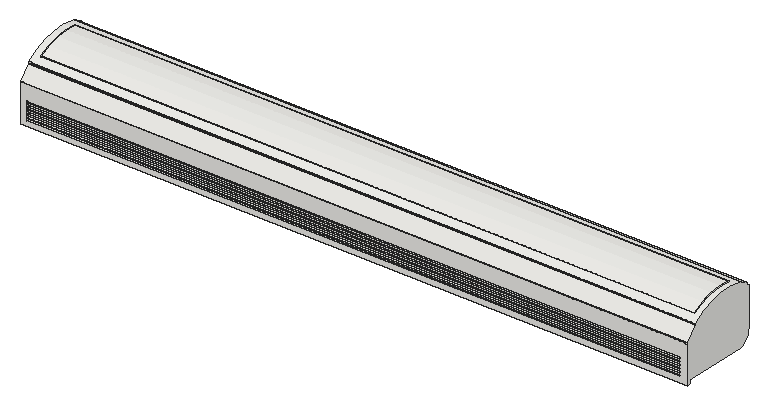
Revit family "ELiS C-E-200-bílá_RFA_2019", category Electrical Fixtures, host Face, Revit 2019
Family settings
  Host = Face
  Maintain Annotation Orientation = No
  Round Connector Dimension = Use Diameter
  Part Type = Normal
  Cut with Voids When Loaded = No
  Shared = No
  Room Calculation Point = No
Parameters (values of type "ELiS C-E-200, 3x400V, 3 rychlost")
  Weight of unit = 25.10 kg
  URL = "www.hydronic.cz"
  Type Comments = "vnitřní instalace, neprašné prostředí; IP21; max dosah 3m na 3 rychlost"
  Second Material = FLOWAIR-PerforatedSteel-White
  Rated current = 18.7 A
  Product code = "14292; bílá, délka 200cm, elektrická"
  Power supply = 400 V
  Power ratio = 1
  Number of phases = 3
  Manufacturer = "Hydronic Systems Prague s.r.o."
  Main Material = FLOWAIR-Steel-White
  Load classification = Other
  Length = 2000.00 mm  # constant formula
  Heating capacity = 13 kW
  Fan = "Single phase motor with diagonal rotor"
  Description = "Dveřní clona"
  Model = "ELiS C-E-200"
  IP = "21"
  Default Elevation = 2200.00 mm
  Author = ""
  Apparent power = if(Power supply = 400 V, 230 V * 3 * Rated current, 230 V * Rated current)  # 12903 VA
Types (6, lengths in mm): name | Rated current | Power supply | Number of phases | Heating capacity | Apparent power
  ELiS C-E-200, 3x400V, 1 rychlost | 18.1 A | 400 V | 3 | 12.5 kW | 12489 VA
  ELiS C-E-200, 3x400V, 2 rychlost | 18.5 A | 400 V | 3 | 12.8 kW | 12765 VA
  ELiS C-E-200, 3x400V, 3 rychlost | 18.7 A | 400 V | 3 | 13 kW | 12903 VA
  ELiS C-E-200, 1x230V, 1 rychlost | 54.3 A | 230 V | 1 | 12.5 kW | 12489 VA
  ELiS C-E-200, 1x230V, 2 rychlost | 55.5 A | 230 V | 1 | 12.8 kW | 12765 VA
  ELiS C-E-200, 1x230V, 3 rychlost | 56.1 A | 230 V | 1 | 13 kW | 12903 VA
Reference planes
  plane 1 "Środek (Przód/Tył)": y = 0
  plane 2: z = 0
  plane 3 "Środek (Lewa/Prawa)": x = 0
Dimensions and locks
  aligned and locked: plane 2 to host face
  aligned and locked: level to host face
  aligned and locked: plane 3 "Środek (Lewa/Prawa)" to nested 1
  aligned and locked: plane 1 "Środek (Przód/Tył)" to nested 1
Nested families
  nested 1: "ELiS C-E" at (0, 0, 0), type "ELiS C-E"
    with długość 2000.00 mm
Connectors
  electrical at (0, 235.182, 54.049), driven by "Power supply", driven by "Apparent power", driven by "Power ratio", driven by "Load classification", driven by "Number of phases"
    settings: on nested 1, index 9, voltage 400 V, apparent load 12903 VA, apparent load phase1 0 VA, apparent load phase2 0 VA, apparent load phase3 0 VA, power factor 1, load classification "Other", number of poles 3, system type 30, power factor state 1, is connector primary yes, connector utility no, sub classification motor no, connector description ""
  electrical at (-59, 235.182, 85.024)
    settings: on nested 1, index 10, voltage 0 V, apparent load 0 VA, apparent load phase1 0 VA, apparent load phase2 0 VA, apparent load phase3 0 VA, power factor 1, load classification "Other", number of poles 1, system type 13, power factor state 1, is connector primary no, connector utility no, sub classification motor no, connector description "TS regulator"
  electrical at (59, 235.182, 85.024)
    settings: on nested 1, index 11, voltage 0 V, apparent load 0 VA, apparent load phase1 0 VA, apparent load phase2 0 VA, apparent load phase3 0 VA, power factor 1, load classification "Other", number of poles 1, system type 13, power factor state 1, is connector primary no, connector utility no, sub classification motor no, connector description "Limit switches"
Definition of nested family "ELiS C-E"
  Parameters
    materiał perforacja = none
    materiał = none
    długość = 1000.00 mm
  Reference planes
    plane 1 "Środek (Przód/Tył)": y = 0
    plane 2: z = 0
    plane 3 "Środek (Lewa/Prawa)": x = 0
    plane 4: x = -500
    plane 5: x = 500
    plane 6: x = -480
    plane 7: x = 480
    plane 8: x = 250
    plane 9: x = -250
  Forms (mm)
    Extrusion 1, solid, material <- "materiał", detail levels medium
      sketch origin (0, 300, 0) x (0, 1, 0) y (0, 0, 1)
        loop
          line (-72.756, 170.564) -> (-81.693, 181.358)
          arc (-81.693, 181.358) -> (-82.051, 181.684) -> (-82.482, 181.903) r 1.8
          line (-82.482, 181.903) -> (-98.157, 187.357)
          arc (-98.157, 187.357) -> (-98.505, 187.566) -> (-98.742, 187.895) r 1
          line (-98.742, 187.895) -> (-99.846, 190.375)
          arc (-99.846, 190.375) -> (-100.355, 191.039) -> (-101.109, 191.402) r 1.8
          arc (-101.109, 191.402) -> (-188.803, 190.806) -> (-267.88, 152.892) r 200.8
          arc (-267.88, 152.892) -> (-268.406, 152.22) -> (-268.563, 151.381) r 1.8
          line (-268.563, 151.381) -> (-268.42, 148.651)
          arc (-268.42, 148.651) -> (-268.477, 148.263) -> (-268.678, 147.927) r 1
          line (-268.678, 147.927) -> (-299.538, 113.654)
          arc (-299.538, 113.654) -> (-299.88, 113.094) -> (-300, 112.449) r 1.8
          line (-300, 112.449) -> (-300, 0) -> (-292.2, 0) -> (-292.2, 13.085) -> (-113.282, 13.085)
          arc (-113.282, 13.085) -> (-84.316, 25.083) -> (-72.318, 54.049) r 40.964
          line (-72.318, 54.049) -> (-72.318, 169.336)
          arc (-72.318, 169.336) -> (-72.431, 169.988) -> (-72.756, 170.564) r 1.943
      from -500 to 500
    Extrusion 2, solid, material <- "materiał", detail levels coarse
      sketch origin (0, 0, 0) x (0, 1, 0) y (0, 0, 1)
        loop
          arc (227.682, 182.867) -> (103.817, 188.954) -> (0, 121.12) r 200.8
          line (0, 121.12) -> (0, 0) -> (227.682, 0) -> (227.682, 182.867)
      from -500 to 500
    Extrusion 3, solid, material <- "materiał", detail levels fine
      sketch origin (0, 0, 0) x (0, 1, 0) y (0, 0, 1)
        loop
          line (227.244, 170.564) -> (218.307, 181.358)
          arc (218.307, 181.358) -> (217.949, 181.684) -> (217.518, 181.903) r 1.8
          line (217.518, 181.903) -> (201.843, 187.357)
          arc (201.843, 187.357) -> (201.495, 187.566) -> (201.258, 187.895) r 1
          line (201.258, 187.895) -> (200.154, 190.375)
          arc (200.154, 190.375) -> (199.645, 191.039) -> (198.891, 191.402) r 1.8
          arc (198.891, 191.402) -> (111.197, 190.806) -> (32.12, 152.892) r 200.8
          arc (32.12, 152.892) -> (31.594, 152.22) -> (31.437, 151.381) r 1.8
          line (31.437, 151.381) -> (31.58, 148.651)
          arc (31.58, 148.651) -> (31.523, 148.263) -> (31.322, 147.927) r 1
          line (31.322, 147.927) -> (0.462, 113.654)
          arc (0.462, 113.654) -> (0.12, 113.094) -> (0, 112.449) r 1.8
          line (0, 112.449) -> (0, 0) -> (7.8, 0) -> (7.8, 13.085) -> (186.718, 13.085)
          arc (186.718, 13.085) -> (215.684, 25.083) -> (227.682, 54.049) r 40.964
          line (227.682, 54.049) -> (227.682, 169.336)
          arc (227.682, 169.336) -> (227.569, 169.988) -> (227.244, 170.564) r 1.943
      from -500 to 500
    Extrusion 4, void
      sketch origin (0, 0, 0) x (0, 1, 0) y (0, 0, 1)
        loop
          line (52, 224.939) -> (52, 114.939) -> (180, 114.939) -> (180, 224.939) -> (52, 224.939)
      from -480 to 480
    Extrusion 5, solid, material <- "materiał perforacja", detail levels fine
      sketch origin (0, 0, 0) x (0, 1, 0) y (0, 0, 1)
        loop
          arc (180, 194.56) -> (113.664, 191.359) -> (52, 166.696) r 200.8
          line (52, 166.696) -> (52, 164.35)
          arc (52, 164.35) -> (113.61, 189.3) -> (180, 192.546) r 198.8
          line (180, 192.546) -> (180, 194.56)
      from -480 to 480
    Extrusion 6, void
      sketch origin (0, 0, 0) x (0, 1, 0) y (0, 0, 1)
        loop
          line (0, 15.085) -> (25, 15.085) -> (25, 70.085) -> (0, 70.085) -> (0, 62.585) -> (15, 62.585) -> (15, 60.585) -> (0, 60.585) -> (0, 53.085) -> (15, 53.085) -> (15, 51.085) -> (0, 51.085) -> (0, 43.585) -> (15, 43.585) -> (15, 41.585) -> (0, 41.585) -> (0, 34.085) -> (15, 34.085) -> (15, 32.085) -> (0, 32.085) -> (0, 24.585) -> (15, 24.585) -> (15, 22.585) -> (0, 22.585) -> (0, 15.085)
      from -480 to 480
    Extrusion 7, solid, material <- "materiał"
      sketch origin (0, 0, 0) x (0, 1, 0) y (0, 0, 1)
        loop
          line (10, 0) -> (172, 0) -> (172, 13.085) -> (10, 13.085) -> (10, 0)
      from -250 to 250
    Extrusion 8, solid, material <- "materiał"
      sketch origin (0, 0, 0) x (0, 1, 0) y (0, 0, 1)
        loop
          line (227.682, 54.049) -> (242.682, 54.049) -> (242.682, 116) -> (227.682, 116) -> (227.682, 54.049)
      from -59 to 59
  Cuts and joins
    Extrusion 4, Extrusion 6 cuts Extrusion 3
  Dimensions and locks
    equal spacing: plane 4, plane 3 "Środek (Lewa/Prawa)", plane 5
    "długość": plane 4 to plane 5
    locked: plane 4 to plane 6 at 20
    locked: plane 7 to plane 5 at 20
    equal spacing: plane 4, plane 9, plane 3 "Środek (Lewa/Prawa)"
    equal spacing: plane 3 "Środek (Lewa/Prawa)", plane 8, plane 5
    aligned and locked: level to plane 2
    aligned and locked: Extrusion 2 to plane 4
    aligned and locked: Extrusion 1 to plane 4
    aligned and locked: Extrusion 2 to plane 5
    aligned and locked: Extrusion 1 to plane 5
    aligned and locked: Extrusion 3 to plane 4
    aligned and locked: Extrusion 3 to plane 5
    aligned and locked: Extrusion 4 to plane 6
    aligned and locked: Extrusion 4 to plane 7
    aligned and locked: Extrusion 5 to plane 6
    aligned and locked: Extrusion 5 to plane 7
    aligned and locked: Extrusion 6 to plane 7
    aligned and locked: Extrusion 6 to plane 6
    aligned and locked: plane 8 to Extrusion 7
    aligned and locked: plane 9 to Extrusion 7
  Automatic sketch dimensions
    Extrusion 1 sketch curve to level = 0.00 mm
    Extrusion 1 sketch curve to plane 1 "Środek (Przód/Tył)" = 0.00 mm
    Extrusion 1 sketch curve to Extrusion 1 sketch curve = 1.80 mm
    Extrusion 1 sketch curve to plane 1 "Środek (Przód/Tył)" = 7.80 mm
    Extrusion 1 sketch curve to plane 1 "Środek (Przód/Tył)" = 30.581 mm
    Extrusion 1 sketch curve to Extrusion 1 sketch curve = 0.742 mm
    Extrusion 1 sketch curve to Extrusion 1 sketch curve = 0.856 mm
    Extrusion 1 sketch curve to Extrusion 1 sketch curve = 1.797 mm
    Extrusion 1 sketch curve to plane 1 "Środek (Przód/Tył)" = 156.375 mm
    Extrusion 1 sketch curve to Extrusion 1 sketch curve = 30.343 mm
    Extrusion 1 sketch curve to Extrusion 1 sketch curve = 165.276 mm
    Extrusion 1 sketch curve to Extrusion 1 sketch curve = 3.662 mm
    Extrusion 1 sketch curve to Extrusion 1 sketch curve = 14.754 mm
    Extrusion 1 sketch curve to Extrusion 1 sketch curve = 1.38 mm
    Extrusion 1 sketch curve to Extrusion 1 sketch curve = 8.812 mm
    Extrusion 1 sketch curve to Extrusion 1 sketch curve = 1.505 mm
    Extrusion 1 sketch curve to Extrusion 1 sketch curve = 40.964 mm
    Extrusion 1 sketch curve to Extrusion 1 sketch curve = 13.085 mm
    Extrusion 1 sketch curve to Extrusion 1 sketch curve = 58.894 mm
    Extrusion 1 sketch curve to Extrusion 1 sketch curve = 117.295 mm
    Extrusion 1 sketch curve to Extrusion 1 sketch curve = 35.478 mm
    Extrusion 1 sketch curve to Extrusion 1 sketch curve = 0.671 mm
    Extrusion 1 sketch curve to Extrusion 1 sketch curve = 2.783 mm
    Extrusion 1 sketch curve to Extrusion 1 sketch curve = 0.097 mm
    Extrusion 1 sketch curve to Extrusion 1 sketch curve = 174.181 mm
    Extrusion 1 sketch curve to Extrusion 1 sketch curve = 10.867 mm
    Extrusion 1 sketch curve to Extrusion 1 sketch curve = 1.155 mm
    Extrusion 1 sketch curve to Extrusion 1 sketch curve = 8.099 mm
    Extrusion 1 sketch curve to Extrusion 1 sketch curve = 1.341 mm
    Extrusion 1 sketch curve to plane 1 "Środek (Przód/Tył)" = 0.462 mm
    Extrusion 1 sketch curve to Extrusion 1 sketch curve = 0.00 mm  (x14)
    Extrusion 1 sketch curve to Extrusion 1 sketch curve = 0.257 mm
    Extrusion 1 sketch curve to Extrusion 1 sketch curve = 1.263 mm
    Extrusion 1 sketch curve to Extrusion 1 sketch curve = 0.914 mm
    Extrusion 1 sketch curve to Extrusion 1 sketch curve = 0.585 mm
    Extrusion 1 sketch curve to Extrusion 1 sketch curve = 0.789 mm
    Extrusion 1 sketch curve to Extrusion 1 sketch curve = 0.944 mm
    Extrusion 2 sketch curve to level = 0.00 mm
    Extrusion 2 sketch curve to Extrusion 2 sketch curve = 71.306 mm
    Extrusion 2 sketch curve to Extrusion 2 sketch curve = 4.846 mm
    Extrusion 2 sketch curve to plane 1 "Środek (Przód/Tył)" = 0.00 mm
    Extrusion 2 sketch curve to Extrusion 2 sketch curve = 125.966 mm
    Extrusion 2 sketch curve to plane 1 "Środek (Przód/Tył)" = 156.375 mm
    plane 1 "Środek (Przód/Tył)" to Extrusion 3 sketch curve = 0.00 mm
    Extrusion 3 sketch curve to Extrusion 3 sketch curve = 1.80 mm
    Extrusion 3 sketch curve to Extrusion 3 sketch curve = 7.80 mm
    Extrusion 3 sketch curve to Extrusion 3 sketch curve = 28.781 mm
    Extrusion 3 sketch curve to Extrusion 3 sketch curve = 0.742 mm
    Extrusion 3 sketch curve to Extrusion 3 sketch curve = 0.856 mm
    Extrusion 3 sketch curve to Extrusion 3 sketch curve = 1.797 mm
    Extrusion 3 sketch curve to Extrusion 3 sketch curve = 148.575 mm
    Extrusion 3 sketch curve to Extrusion 3 sketch curve = 30.343 mm
    Extrusion 3 sketch curve to Extrusion 3 sketch curve = 165.276 mm
    Extrusion 3 sketch curve to Extrusion 3 sketch curve = 3.662 mm
    Extrusion 3 sketch curve to Extrusion 3 sketch curve = 14.754 mm
    Extrusion 3 sketch curve to Extrusion 3 sketch curve = 1.38 mm
    Extrusion 3 sketch curve to Extrusion 3 sketch curve = 8.812 mm
    Extrusion 3 sketch curve to Extrusion 3 sketch curve = 1.505 mm
    Extrusion 3 sketch curve to Extrusion 3 sketch curve = 40.964 mm
    level to Extrusion 3 sketch curve = 0.00 mm
    Extrusion 3 sketch curve to Extrusion 3 sketch curve = 13.085 mm
    Extrusion 3 sketch curve to Extrusion 3 sketch curve = 58.894 mm
    Extrusion 3 sketch curve to Extrusion 3 sketch curve = 117.295 mm
    Extrusion 3 sketch curve to Extrusion 3 sketch curve = 35.478 mm
    Extrusion 3 sketch curve to Extrusion 3 sketch curve = 0.671 mm
    Extrusion 3 sketch curve to Extrusion 3 sketch curve = 2.783 mm
    Extrusion 3 sketch curve to Extrusion 3 sketch curve = 0.097 mm
    Extrusion 3 sketch curve to Extrusion 3 sketch curve = 174.181 mm
    Extrusion 3 sketch curve to Extrusion 3 sketch curve = 10.867 mm
    Extrusion 3 sketch curve to Extrusion 3 sketch curve = 1.155 mm
    Extrusion 3 sketch curve to Extrusion 3 sketch curve = 8.099 mm
    Extrusion 3 sketch curve to Extrusion 3 sketch curve = 1.341 mm
    Extrusion 3 sketch curve to Extrusion 3 sketch curve = 0.462 mm
    Extrusion 3 sketch curve to Extrusion 3 sketch curve = 0.00 mm  (x14)
    Extrusion 3 sketch curve to Extrusion 3 sketch curve = 0.257 mm
    Extrusion 3 sketch curve to Extrusion 3 sketch curve = 1.263 mm
    Extrusion 3 sketch curve to Extrusion 3 sketch curve = 0.914 mm
    Extrusion 3 sketch curve to Extrusion 3 sketch curve = 0.585 mm
    Extrusion 3 sketch curve to Extrusion 3 sketch curve = 0.789 mm
    Extrusion 3 sketch curve to Extrusion 3 sketch curve = 0.944 mm
    Extrusion 4 sketch curve to Extrusion 4 sketch curve = 128.00 mm
    level to Extrusion 4 sketch curve = 114.939 mm
    Extrusion 4 sketch curve to Extrusion 4 sketch curve = 110.00 mm
    Extrusion 4 sketch curve to plane 1 "Środek (Przód/Tył)" = 52.00 mm
    Extrusion 5 sketch curve to plane 1 "Środek (Przód/Tył)" = 156.375 mm
    Extrusion 5 sketch curve to level = 4.846 mm
    Extrusion 5 sketch curve to plane 1 "Środek (Przód/Tył)" = 52.00 mm
    Extrusion 5 sketch curve to Extrusion 5 sketch curve = 23.625 mm
    Extrusion 5 sketch curve to Extrusion 5 sketch curve = 25.85 mm
    Extrusion 5 sketch curve to Extrusion 5 sketch curve = 2.346 mm
    Extrusion 5 sketch curve to Extrusion 5 sketch curve = 0.00 mm  (x2)
    Extrusion 7 sketch curve to level = 0.00 mm
    Extrusion 7 sketch curve to plane 1 "Środek (Przód/Tył)" = 10.00 mm
    Extrusion 7 sketch curve to Extrusion 7 sketch curve = 162.00 mm
    level to Extrusion 7 sketch curve = 13.085 mm
    Extrusion 8 sketch curve to plane 1 "Środek (Przód/Tył)" = 227.682 mm
    level to Extrusion 8 sketch curve = 116.00 mm
    level to Extrusion 8 sketch curve = 54.049 mm
    Extrusion 8 sketch curve to Extrusion 8 sketch curve = 15.00 mm
    Extrusion 6 sketch curve to plane 1 "Środek (Przód/Tył)" = 0.00 mm  (x6)
    Extrusion 6 sketch curve to Extrusion 6 sketch curve = 15.00 mm
    Extrusion 6 sketch curve to Extrusion 6 sketch curve = 0.00 mm  (x4)
    Extrusion 6 sketch curve to Extrusion 6 sketch curve = 10.00 mm
    level to Extrusion 6 sketch curve = 15.085 mm
    Extrusion 6 sketch curve to Extrusion 6 sketch curve = 7.50 mm  (x6)
    Extrusion 6 sketch curve to Extrusion 6 sketch curve = 2.00 mm  (x5)
